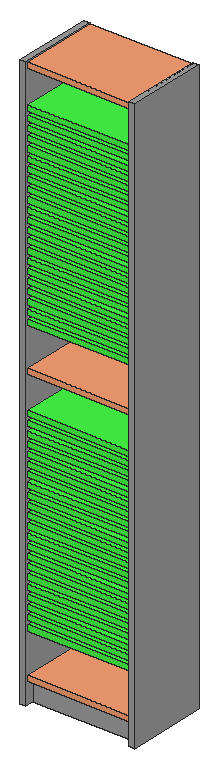
Revit family "Ikea_Furniture_BillyBookcase_Flexible", category Casework, Revit 2019
Family settings
  Work Plane-Based = No
  Always vertical = Yes
  Cut with Voids When Loaded = No
  Shared = No
  Room Calculation Point = No
Parameters (values of type "Ikea_Furniture_BillyBookcase_40x28x202cm")
  Width = 400 mm
  TopOffset = 3 mm
  TopOfShelfFromPeg = 15 mm
  ShelfWidth = Width - (BoardWidth * 2)  # 362 mm
  ShelfNone = Shelf Required
  ShelfFlexible = Shelf Flexible
  ShelfFixed = Shelf Fixed
  ShelfEmpty = Shelf Empty
  ShelfDepthTop = Depth - FrontOffset  # 275 mm
  ShelfDepth = Depth - FrontOffset - BackOffset  # 271.012 mm
  S-47 [instance] = Shelf-Fixed : Shelf-Fixed-Top
  S-24 [instance] = Shelf-Fixed : Shelf-Fixed
  S-10 [instance] = Shelf-Flexible : Shelf-Flexible
  S-9 [instance] = Shelf-Flexible : Shelf-Flexible
  S-8 [instance] = Shelf-Flexible : Shelf-Flexible
  S-46 [instance] = Shelf-Flexible : Shelf-Flexible
  S-45 [instance] = Shelf-Flexible : Shelf-Flexible
  S-44 [instance] = Shelf-Flexible : Shelf-Flexible
  S-43 [instance] = Shelf-Flexible : Shelf-Flexible
  S-42 [instance] = Shelf-Flexible : Shelf-Flexible
  S-41 [instance] = Shelf-Flexible : Shelf-Flexible
  S-40 [instance] = Shelf-Flexible : Shelf-Flexible
  S-39 [instance] = Shelf-Flexible : Shelf-Flexible
  S-38 [instance] = Shelf-Flexible : Shelf-Flexible
  S-37 [instance] = Shelf-Flexible : Shelf-Flexible
  S-36 [instance] = Shelf-Flexible : Shelf-Flexible
  S-35 [instance] = Shelf-Flexible : Shelf-Flexible
  S-34 [instance] = Shelf-Flexible : Shelf-Flexible
  S-33 [instance] = Shelf-Flexible : Shelf-Flexible
  S-32 [instance] = Shelf-Flexible : Shelf-Flexible
  S-31 [instance] = Shelf-Flexible : Shelf-Flexible
  S-30 [instance] = Shelf-Flexible : Shelf-Flexible
  S-29 [instance] = Shelf-Flexible : Shelf-Flexible
  S-28 [instance] = Shelf-Flexible : Shelf-Flexible
  S-27 [instance] = Shelf-Flexible : Shelf-Flexible
  S-26 [instance] = Shelf-Flexible : Shelf-Flexible
  S-25 [instance] = Shelf-Flexible : Shelf-Flexible
  S-23 [instance] = Shelf-Flexible : Shelf-Flexible
  S-22 [instance] = Shelf-Flexible : Shelf-Flexible
  S-21 [instance] = Shelf-Flexible : Shelf-Flexible
  S-20 [instance] = Shelf-Flexible : Shelf-Flexible
  S-19 [instance] = Shelf-Flexible : Shelf-Flexible
  S-18 [instance] = Shelf-Flexible : Shelf-Flexible
  S-17 [instance] = Shelf-Flexible : Shelf-Flexible
  S-16 [instance] = Shelf-Flexible : Shelf-Flexible
  S-15 [instance] = Shelf-Flexible : Shelf-Flexible
  S-14 [instance] = Shelf-Flexible : Shelf-Flexible
  S-13 [instance] = Shelf-Flexible : Shelf-Flexible
  S-12 [instance] = Shelf-Flexible : Shelf-Flexible
  S-11 [instance] = Shelf-Flexible : Shelf-Flexible
  S-1 [instance] = Shelf-Fixed : Shelf-Fixed
  PegSpacing = 32.5 mm
  MidShelfHeight = 1057.5 mm
  S-6 [instance] = Shelf-Flexible : Shelf-Flexible
  S-5 [instance] = Shelf-Flexible : Shelf-Flexible
  S-4 [instance] = Shelf-Flexible : Shelf-Flexible
  S-3 [instance] = Shelf-Flexible : Shelf-Flexible
  S-2 [instance] = Shelf-Flexible : Shelf-Flexible
  S-7 [instance] = Shelf-Flexible : Shelf-Flexible
  HeightAboveTopOfBookcase [instance] = 0 mm
  Height = 2020 mm
  FrontOffset = 5 mm
  Colour [instance] = Default
  Depth = 280 mm
  BottomPanelSetback = 30 mm
  BottomPanelHeight = 75 mm
  BoardWidth = 19 mm
  BackOffset = 3.988 mm
Reference planes
  plane 1 "Center (Front/Back)": y = 0
  plane 2: z = 0
  plane 3 "Center (Left/Right)": x = 0
  plane 4: x = 400
  plane 5 "Front": y = -280
  plane 6: x = 19
  plane 7: x = 381
  plane 8 "Top": z = 2020
  plane 9 "Top Offset": z = 2017
  plane 10 "FrontOffset": y = -275
  plane 11 "TopShelfUnderside": z = 1998
  plane 12 "BackOffset": y = -3.988
  plane 13: z = 75
  plane 14: z = 94
  plane 15: y = -250
  plane 16: y = -231
  plane 17: z = 1057.5
  plane 18: z = 1038.5
  plane 19 "S-2": z = 238
  plane 20 "S-3": z = 270
  plane 21 "S-4": z = 302
  plane 22 "S-5": z = 334
  plane 23 "S-6": z = 366
  plane 24 "S-7": z = 398
  plane 25 "S-8": z = 430
  plane 26 "S-9": z = 462
  plane 27 "S-10": z = 494
  plane 28 "S-11": z = 526
  plane 29 "S-12": z = 558
  plane 30 "S-13": z = 590
  plane 31 "S-14": z = 622
  plane 32 "S-15": z = 654
  plane 33 "S-16": z = 686
  plane 34 "S-17": z = 718
  plane 35 "S-18": z = 750
  plane 36 "S-19": z = 782
  plane 37 "S-20": z = 814
  plane 38 "S-21": z = 846
  plane 39 "S-22": z = 878
  plane 40 "S-23": z = 910
  plane 41 "S-25": z = 1196.5
  plane 42 "S-26": z = 1228.5
  plane 43 "S-27": z = 1260.5
  plane 44 "S-28": z = 1292.5
  plane 45 "S-29": z = 1324.5
  plane 46 "S-30": z = 1356.5
  plane 47 "S-31": z = 1388.5
  plane 48 "S-32": z = 1420.5
  plane 49 "S-33": z = 1452.5
  plane 50 "S-34": z = 1484.5
  plane 51 "S-35": z = 1516.5
  plane 52 "S-36": z = 1548.5
  plane 53 "S-37": z = 1580.5
  plane 54 "S-38": z = 1612.5
  plane 55 "S-39": z = 1644.5
  plane 56 "S-40": z = 1676.5
  plane 57 "S-41": z = 1708.5
  plane 58 "S-42": z = 1740.5
  plane 59 "S-43": z = 1772.5
  plane 60 "S-44": z = 1804.5
  plane 61 "S-45": z = 1836.5
  plane 62 "S-46": z = 1868.5
  plane 63 "S-1": z = 79
  plane 64 "S-24": z = 1042.5
  plane 65 "S-47": z = 2002
Forms (mm)
  Extrusion 1, solid, material "Default" <- "Colour"
    sketch origin (0, 0, 0) x (1, 0, 0) y (0, 1, 0)
      loop
        line (0, 0) -> (0, -280) -> (19, -280) -> (19, 0) -> (0, 0)
      loop
        line (381, 0) -> (381, -280) -> (400, -280) -> (400, 0) -> (381, 0)
    from 0 to 2020
  Extrusion 2, solid, material "Default" <- "Colour"
    sketch origin (0, 0, 0) x (1, 0, 0) y (0, 1, 0)
      loop
        line (19, 0) -> (19, -3.988) -> (381, -3.988) -> (381, 0) -> (19, 0)
    from 0 to 1998
  Extrusion 3, solid, material "Default" <- "Colour"
    sketch origin (0, 0, 0) x (1, 0, 0) y (0, 1, 0)
      loop
        line (19, -231) -> (19, -250) -> (381, -250) -> (381, -231) -> (19, -231)
    from 0 to 75
Text (mm)
  text "FRONT" at (97.439, -742.368, 0), in view "Ref. Level"
Dimensions and locks
  "Width": plane 3 "Center (Left/Right)" to plane 4
  "Depth": plane 5 "Front" to plane 1 "Center (Front/Back)"
  "BoardWidth": plane 3 "Center (Left/Right)" to plane 6
  "BoardWidth": plane 7 to plane 4
  "Height": plane 8 "Top" to level
  "TopOffset": plane 8 "Top" to plane 9 "Top Offset"
  "BoardWidth": plane 9 "Top Offset" to plane 11 "TopShelfUnderside"
  "FrontOffset": plane 10 "FrontOffset" to plane 5 "Front"
  "BackOffset": plane 12 "BackOffset" to plane 1 "Center (Front/Back)"
  "BottomPanelHeight": plane 13 to level
  "BoardWidth": plane 14 to plane 13
  "BottomPanelSetback": plane 15 to plane 5 "Front"
  "BoardWidth": plane 15 to plane 16
  "MidShelfHeight": plane 17 to level
  "BoardWidth": plane 17 to plane 18
  plane 2 to plane 19 "S-2" to plane 20 "S-3" to plane 21 "S-4" to plane 22 "S-5" to plane 23 "S-6" to plane 24 "S-7" to plane 25 "S-8" to plane 26 "S-9" to plane 27 "S-10" to plane 28 "S-11" to plane 29 "S-12" to plane 30 "S-13" to plane 31 "S-14" to plane 32 "S-15" to plane 33 "S-16" to plane 34 "S-17" to plane 35 "S-18" to plane 36 "S-19" to plane 37 "S-20" to plane 38 "S-21" to plane 39 "S-22" to plane 40 "S-23" = 238 mm, 32 mm, 32 mm, 32 mm, 32 mm, 32 mm, 32 mm, 32 mm, 32 mm, 32 mm, 32 mm, 32 mm, 32 mm, 32 mm, 32 mm, 32 mm, 32 mm, 32 mm, 32 mm, 32 mm, 32 mm, 32 mm
  plane 41 "S-25" to plane 42 "S-26" to plane 43 "S-27" to plane 44 "S-28" to plane 45 "S-29" to plane 46 "S-30" to plane 47 "S-31" to plane 48 "S-32" to plane 49 "S-33" to plane 50 "S-34" to plane 51 "S-35" to plane 52 "S-36" to plane 53 "S-37" to plane 54 "S-38" to plane 55 "S-39" to plane 56 "S-40" to plane 57 "S-41" to plane 58 "S-42" to plane 59 "S-43" to plane 60 "S-44" to plane 61 "S-45" to plane 62 "S-46" = 32 mm, 32 mm, 32 mm, 32 mm, 32 mm, 32 mm, 32 mm, 32 mm, 32 mm, 32 mm, 32 mm, 32 mm, 32 mm, 32 mm, 32 mm, 32 mm, 32 mm, 32 mm, 32 mm, 32 mm, 32 mm
  plane 40 "S-23" to plane 39 "S-22" to plane 38 "S-21" to plane 37 "S-20" to plane 36 "S-19" to plane 35 "S-18" to plane 34 "S-17" to plane 33 "S-16" to plane 32 "S-15" to plane 31 "S-14" to plane 30 "S-13" to plane 29 "S-12" to plane 28 "S-11" to plane 27 "S-10" to plane 26 "S-9" to plane 25 "S-8" to plane 24 "S-7" to plane 23 "S-6" to plane 22 "S-5" to plane 21 "S-4" to plane 20 "S-3" to plane 19 "S-2" to plane 2 = 32 mm, 32 mm, 32 mm, 32 mm, 32 mm, 32 mm, 32 mm, 32 mm, 32 mm, 32 mm, 32 mm, 32 mm, 32 mm, 32 mm, 32 mm, 32 mm, 32 mm, 32 mm, 32 mm, 32 mm, 32 mm, 238 mm
  plane 62 "S-46" to plane 61 "S-45" to plane 60 "S-44" to plane 59 "S-43" to plane 58 "S-42" to plane 57 "S-41" to plane 56 "S-40" to plane 55 "S-39" to plane 54 "S-38" to plane 53 "S-37" to plane 52 "S-36" to plane 51 "S-35" to plane 50 "S-34" to plane 49 "S-33" to plane 48 "S-32" to plane 47 "S-31" to plane 46 "S-30" to plane 45 "S-29" to plane 44 "S-28" to plane 43 "S-27" to plane 42 "S-26" to plane 41 "S-25" to plane 2 = 32 mm, 32 mm, 32 mm, 32 mm, 32 mm, 32 mm, 32 mm, 32 mm, 32 mm, 32 mm, 32 mm, 32 mm, 32 mm, 32 mm, 32 mm, 32 mm, 32 mm, 32 mm, 32 mm, 32 mm, 32 mm, 1196.5 mm
  plane 63 "S-1" to plane 2 = 79 mm
  "TopOfShelfFromPeg": plane 17 to plane 64 "S-24"
  "TopOfShelfFromPeg": plane 9 "Top Offset" to plane 65 "S-47"
  aligned and locked: level to plane 2
  aligned and locked: plane 1 "Center (Front/Back)" to Extrusion 1 sketch curve  (x2)
  aligned and locked: plane 3 "Center (Left/Right)" to Extrusion 1 sketch curve
  aligned and locked: plane 5 "Front" to Extrusion 1 sketch curve  (x2)
  aligned and locked: plane 7 to Extrusion 1 sketch curve
  aligned and locked: Extrusion 1 sketch curve to plane 4
  aligned and locked: Extrusion 1 sketch curve to plane 6
  aligned and locked: plane 8 "Top" to Extrusion 1
  aligned and locked: Extrusion 1 to Extrusion 2 sketch curve
  aligned and locked: Extrusion 2 sketch curve to plane 12 "BackOffset"
  aligned and locked: Extrusion 2 sketch curve to plane 7
  aligned and locked: plane 11 "TopShelfUnderside" to Extrusion 2
  aligned and locked: Extrusion 2 to level
  aligned and locked: Extrusion 3 sketch curve to plane 16
  aligned and locked: plane 6 to Extrusion 3 sketch curve
  aligned and locked: Extrusion 3 sketch curve to plane 15
  aligned and locked: Extrusion 3 sketch curve to plane 7
  aligned and locked: plane 13 to Extrusion 3
  aligned and locked: Extrusion 3 to level
  aligned and locked: plane 6 to nested 1
  aligned and locked: plane 12 "BackOffset" to nested 1
  aligned and locked: plane 6 to nested 47
  aligned and locked: plane 10 "FrontOffset" to nested 47
Automatic sketch dimensions
  plane 1 "Center (Front/Back)" to Extrusion 2 sketch curve = 0 mm
Nested families
  nested 1: "Shelf-Flexible" at (19, -3.988, 238), type <- "S-2", type "Shelf-Flexible"
    with Width 362 mm, ShelfHeight 19 mm
  nested 2: "Shelf-Flexible" at (19, -3.988, 270), type <- "S-3", type "Shelf-Flexible"
    with Width 362 mm, ShelfHeight 19 mm
  nested 3: "Shelf-Flexible" at (19, -3.988, 302), type <- "S-4", type "Shelf-Flexible"
    with Width 362 mm, ShelfHeight 19 mm
  nested 4: "Shelf-Flexible" at (19, -3.988, 334), type <- "S-5", type "Shelf-Flexible"
    with Width 362 mm, ShelfHeight 19 mm
  nested 5: "Shelf-Flexible" at (19, -3.988, 366), type <- "S-6", type "Shelf-Flexible"
    with Width 362 mm, ShelfHeight 19 mm
  nested 6: "Shelf-Flexible" at (19, -3.988, 398), type <- "S-7", type "Shelf-Flexible"
    with Width 362 mm, ShelfHeight 19 mm
  nested 7: "Shelf-Flexible" at (19, -3.988, 430), type <- "S-8", type "Shelf-Flexible"
    with Width 362 mm, ShelfHeight 19 mm
  nested 8: "Shelf-Flexible" at (19, -3.988, 462), type <- "S-9", type "Shelf-Flexible"
    with Width 362 mm, ShelfHeight 19 mm
  nested 9: "Shelf-Flexible" at (19, -3.988, 494), type <- "S-10", type "Shelf-Flexible"
    with Width 362 mm, ShelfHeight 19 mm
  nested 10: "Shelf-Flexible" at (19, -3.988, 526), type <- "S-11", type "Shelf-Flexible"
    with Width 362 mm, ShelfHeight 19 mm
  nested 11: "Shelf-Flexible" at (19, -3.988, 558), type <- "S-12", type "Shelf-Flexible"
    with Width 362 mm, ShelfHeight 19 mm
  nested 12: "Shelf-Flexible" at (19, -3.988, 590), type <- "S-13", type "Shelf-Flexible"
    with Width 362 mm, ShelfHeight 19 mm
  nested 13: "Shelf-Flexible" at (19, -3.988, 622), type <- "S-14", type "Shelf-Flexible"
    with Width 362 mm, ShelfHeight 19 mm
  nested 14: "Shelf-Flexible" at (19, -3.988, 654), type <- "S-15", type "Shelf-Flexible"
    with Width 362 mm, ShelfHeight 19 mm
  nested 15: "Shelf-Flexible" at (19, -3.988, 686), type <- "S-16", type "Shelf-Flexible"
    with Width 362 mm, ShelfHeight 19 mm
  nested 16: "Shelf-Flexible" at (19, -3.988, 718), type <- "S-17", type "Shelf-Flexible"
    with Width 362 mm, ShelfHeight 19 mm
  nested 17: "Shelf-Flexible" at (19, -3.988, 750), type <- "S-18", type "Shelf-Flexible"
    with Width 362 mm, ShelfHeight 19 mm
  nested 18: "Shelf-Flexible" at (19, -3.988, 782), type <- "S-19", type "Shelf-Flexible"
    with Width 362 mm, ShelfHeight 19 mm
  nested 19: "Shelf-Flexible" at (19, -3.988, 814), type <- "S-20", type "Shelf-Flexible"
    with Width 362 mm, ShelfHeight 19 mm
  nested 20: "Shelf-Flexible" at (19, -3.988, 846), type <- "S-21", type "Shelf-Flexible"
    with Width 362 mm, ShelfHeight 19 mm
  nested 21: "Shelf-Flexible" at (19, -3.988, 878), type <- "S-22", type "Shelf-Flexible"
    with Width 362 mm, ShelfHeight 19 mm
  nested 22: "Shelf-Flexible" at (19, -3.988, 910), type <- "S-23", type "Shelf-Flexible"
    with Width 362 mm, ShelfHeight 19 mm
  nested 23: "Shelf-Flexible" at (19, -3.988, 1196.5), type <- "S-25", type "Shelf-Flexible"
    with Width 362 mm, ShelfHeight 19 mm
  nested 24: "Shelf-Flexible" at (19, -3.988, 1228.5), type <- "S-26", type "Shelf-Flexible"
    with Width 362 mm, ShelfHeight 19 mm
  nested 25: "Shelf-Flexible" at (19, -3.988, 1260.5), type <- "S-27", type "Shelf-Flexible"
    with Width 362 mm, ShelfHeight 19 mm
  nested 26: "Shelf-Flexible" at (19, -3.988, 1292.5), type <- "S-28", type "Shelf-Flexible"
    with Width 362 mm, ShelfHeight 19 mm
  nested 27: "Shelf-Flexible" at (19, -3.988, 1324.5), type <- "S-29", type "Shelf-Flexible"
    with Width 362 mm, ShelfHeight 19 mm
  nested 28: "Shelf-Flexible" at (19, -3.988, 1356.5), type <- "S-30", type "Shelf-Flexible"
    with Width 362 mm, ShelfHeight 19 mm
  nested 29: "Shelf-Flexible" at (19, -3.988, 1388.5), type <- "S-31", type "Shelf-Flexible"
    with Width 362 mm, ShelfHeight 19 mm
  nested 30: "Shelf-Flexible" at (19, -3.988, 1420.5), type <- "S-32", type "Shelf-Flexible"
    with Width 362 mm, ShelfHeight 19 mm
  nested 31: "Shelf-Flexible" at (19, -3.988, 1452.5), type <- "S-33", type "Shelf-Flexible"
    with Width 362 mm, ShelfHeight 19 mm
  nested 32: "Shelf-Flexible" at (19, -3.988, 1484.5), type <- "S-34", type "Shelf-Flexible"
    with Width 362 mm, ShelfHeight 19 mm
  nested 33: "Shelf-Flexible" at (19, -3.988, 1516.5), type <- "S-35", type "Shelf-Flexible"
    with Width 362 mm, ShelfHeight 19 mm
  nested 34: "Shelf-Flexible" at (19, -3.988, 1548.5), type <- "S-36", type "Shelf-Flexible"
    with Width 362 mm, ShelfHeight 19 mm
  nested 35: "Shelf-Flexible" at (19, -3.988, 1580.5), type <- "S-37", type "Shelf-Flexible"
    with Width 362 mm, ShelfHeight 19 mm
  nested 36: "Shelf-Flexible" at (19, -3.988, 1612.5), type <- "S-38", type "Shelf-Flexible"
    with Width 362 mm, ShelfHeight 19 mm
  nested 37: "Shelf-Flexible" at (19, -3.988, 1644.5), type <- "S-39", type "Shelf-Flexible"
    with Width 362 mm, ShelfHeight 19 mm
  nested 38: "Shelf-Flexible" at (19, -3.988, 1676.5), type <- "S-40", type "Shelf-Flexible"
    with Width 362 mm, ShelfHeight 19 mm
  nested 39: "Shelf-Flexible" at (19, -3.988, 1708.5), type <- "S-41", type "Shelf-Flexible"
    with Width 362 mm, ShelfHeight 19 mm
  nested 40: "Shelf-Flexible" at (19, -3.988, 1740.5), type <- "S-42", type "Shelf-Flexible"
    with Width 362 mm, ShelfHeight 19 mm
  nested 41: "Shelf-Flexible" at (19, -3.988, 1772.5), type <- "S-43", type "Shelf-Flexible"
    with Width 362 mm, ShelfHeight 19 mm
  nested 42: "Shelf-Flexible" at (19, -3.988, 1804.5), type <- "S-44", type "Shelf-Flexible"
    with Width 362 mm, ShelfHeight 19 mm
  nested 43: "Shelf-Flexible" at (19, -3.988, 1836.5), type <- "S-45", type "Shelf-Flexible"
    with Width 362 mm, ShelfHeight 19 mm
  nested 44: "Shelf-Flexible" at (19, -3.988, 1868.5), type <- "S-46", type "Shelf-Flexible"
    with Width 362 mm, ShelfHeight 19 mm
  nested 45: "Shelf-Fixed" at (19, -3.988, 79), type <- "S-1", type "Shelf-Fixed"
    with Width 362 mm, Depth 271.012 mm
  nested 46: "Shelf-Fixed" at (19, -3.988, 1042.5), type <- "S-24", type "Shelf-Fixed"
    with Width 362 mm, Depth 271.012 mm
  nested 47: "Shelf-Fixed" at (19, 0, 2002), type <- "S-47", type "Shelf-Fixed-Top"
    with Width 362 mm
Definition of nested family "Shelf-Flexible"
  Parameters (values of type "Ikea_Furniture_Shelf_Flexible")
    Width = 760 mm
    TopOfShelfFromPeg = 15 mm
    ShelfHeight = 20 mm
    Shelf = none
    Depth = 271.012 mm
    Default Elevation = 1219.2 mm
  Reference planes
    plane 1 "Center (Front/Back)": y = 0
    plane 2: z = 0
    plane 3 "Center (Left/Right)": x = 0
    plane 4: y = -271.012
    plane 5: x = 760
    plane 6: z = 15
    plane 7: z = -5
  Forms (mm)
    Extrusion 1, solid
      sketch origin (0, 0, 0) x (1, 0, 0) y (0, 1, 0)
        loop
          line (-1219.2, 1219.2) -> (-1219.2, -1219.2) -> (1219.2, -1219.2) -> (1219.2, 1219.2) -> (-1219.2, 1219.2)
      from 0 to -304.8
    Extrusion 2, solid, material <- "Shelf"
      sketch origin (0, 0, 0) x (1, 0, 0) y (0, 1, 0)
        loop
          line (0, 0) -> (0, -271.012) -> (760, -271.012) -> (760, 0) -> (0, 0)
      from -5 to 15
  Dimensions and locks
    "Width": plane 3 "Center (Left/Right)" to plane 5
    "Depth": plane 4 to plane 1 "Center (Front/Back)"
    "TopOfShelfFromPeg": plane 6 to plane 2
    "ShelfHeight": plane 6 to plane 7
    aligned and locked: plane 2 to Extrusion 1
    aligned and locked: level to Extrusion 1
    aligned and locked: plane 1 "Center (Front/Back)" to Extrusion 2 sketch curve
    aligned and locked: plane 3 "Center (Left/Right)" to Extrusion 2 sketch curve
    aligned and locked: plane 4 to Extrusion 2 sketch curve
    aligned and locked: Extrusion 2 sketch curve to plane 5
    aligned and locked: plane 6 to Extrusion 2
    aligned and locked: Extrusion 2 to plane 7
  Automatic sketch dimensions
    Extrusion 1 sketch curve to Extrusion 1 sketch curve = 2438.4 mm  (x2)
Definition of nested family "Shelf-Fixed"
  Parameters (values of type "Ikea_Furniture_Shelf_FixedTop")
    Width = 762 mm
    TopOfShelfFromPeg = 15 mm
    ShelfHeight = 19 mm
    Shelf = none
    Depth = 275 mm
    Default Elevation = 1219.2 mm
  Types (3, lengths in mm): name | Depth
    (no name) | 275
    Ikea_Furniture_Shelf_Fixed | 271.012
    Ikea_Furniture_Shelf_FixedTop | 275
  Reference planes
    plane 1 "Center (Front/Back)": y = 0
    plane 2: z = 0
    plane 3 "Center (Left/Right)": x = 0
    plane 4: y = -275
    plane 5: x = 762
    plane 6: z = 15
    plane 7: z = -4
  Forms (mm)
    Extrusion 1, solid
      sketch origin (0, 0, 0) x (1, 0, 0) y (0, 1, 0)
        loop
          line (-1219.2, 1219.2) -> (-1219.2, -1219.2) -> (1219.2, -1219.2) -> (1219.2, 1219.2) -> (-1219.2, 1219.2)
      from 0 to -304.8
    Extrusion 2, solid, material <- "Shelf"
      sketch origin (0, 0, 0) x (1, 0, 0) y (0, 1, 0)
        loop
          line (0, 0) -> (0, -275) -> (762, -275) -> (762, 0) -> (0, 0)
      from -4 to 15
  Dimensions and locks
    "Width": plane 3 "Center (Left/Right)" to plane 5
    "Depth": plane 4 to plane 1 "Center (Front/Back)"
    "TopOfShelfFromPeg": plane 6 to plane 2
    "ShelfHeight": plane 6 to plane 7
    aligned and locked: plane 2 to Extrusion 1
    aligned and locked: level to Extrusion 1
    aligned and locked: plane 1 "Center (Front/Back)" to Extrusion 2 sketch curve
    aligned and locked: plane 3 "Center (Left/Right)" to Extrusion 2 sketch curve
    aligned and locked: plane 4 to Extrusion 2 sketch curve
    aligned and locked: Extrusion 2 sketch curve to plane 5
    aligned and locked: plane 6 to Extrusion 2
    aligned and locked: Extrusion 2 to plane 7
  Automatic sketch dimensions
    Extrusion 1 sketch curve to Extrusion 1 sketch curve = 2438.4 mm  (x2)
